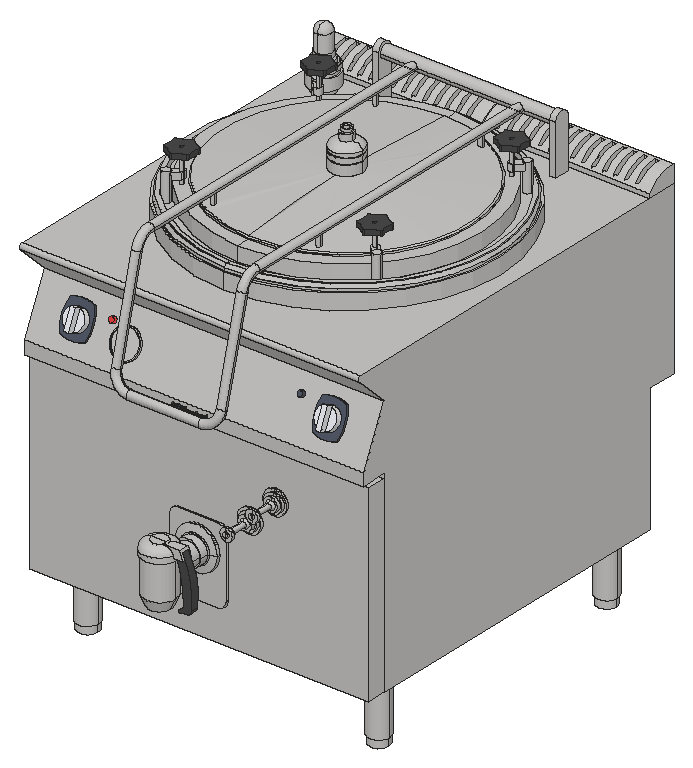
Revit family "QF_ELECTROLUXPROFESSIONAL_391122_E9BSEHIRFC", category Specialty Equipment, Revit 2018 (continued)
Lines and regions (mm)
  symbolic lines
    curve 200: arc (201.278, -277.654, 0) -> (199.588, -262.931, 0) -> (201.278, -248.207, 0) r 65
    curve 201: arc (201.278, -248.207, 0) -> (200.954, -246.028, 0) -> (199.228, -244.658, 0) r 3
    curve 202: arc (199.228, -244.658, 0) -> (185.622, -238.753, 0) -> (173.708, -229.917, 0) r 65
    curve 203: arc (173.708, -229.917, 0) -> (171.677, -229.115, 0) -> (169.647, -229.917, 0) r 2.971
    curve 204: arc (169.647, -229.917, 0) -> (157.733, -238.753, 0) -> (144.127, -244.658, 0) r 65
    curve 205: arc (144.127, -244.658, 0) -> (142.401, -246.028, 0) -> (142.077, -248.207, 0) r 3
    curve 206: arc (142.077, -248.207, 0) -> (143.767, -262.931, 0) -> (142.077, -277.654, 0) r 65
    curve 207: arc (142.077, -277.654, 0) -> (142.401, -279.833, 0) -> (144.127, -281.203, 0) r 3
    curve 208: arc (144.127, -281.203, 0) -> (157.714, -287.097, 0) -> (169.615, -295.914, 0) r 65
    curve 209: arc (169.615, -295.914, 0) -> (171.677, -296.728, 0) -> (173.74, -295.914, 0) r 3.02
    curve 210: arc (159.181, -237.891, 0) -> (148.498, -233.575, 0) -> (141.51, -242.737, 0) r 9.5
    curve 211: arc (141.51, -242.737, 0) -> (141.692, -244.589, 0) -> (142.232, -246.369, 0) r 9.5
    curve 212: arc (626.292, -229.917, 0) -> (614.378, -238.753, 0) -> (600.772, -244.658, 0) r 65
    curve 213: arc (600.772, -244.658, 0) -> (599.046, -246.028, 0) -> (598.722, -248.207, 0) r 3
    curve 214: arc (598.722, -248.207, 0) -> (600.412, -262.931, 0) -> (598.722, -277.654, 0) r 65
    curve 215: arc (598.722, -277.654, 0) -> (599.046, -279.833, 0) -> (600.772, -281.203, 0) r 3
    curve 216: arc (600.772, -281.203, 0) -> (614.359, -287.097, 0) -> (626.26, -295.914, 0) r 65
    curve 217: arc (626.26, -295.914, 0) -> (628.323, -296.728, 0) -> (630.385, -295.914, 0) r 3.02
    curve 218: arc (630.385, -295.914, 0) -> (642.286, -287.097, 0) -> (655.873, -281.203, 0) r 65
    curve 219: arc (655.873, -281.203, 0) -> (657.599, -279.833, 0) -> (657.923, -277.654, 0) r 3
    curve 220: arc (657.923, -277.654, 0) -> (656.233, -262.931, 0) -> (657.923, -248.207, 0) r 65
    curve 221: arc (657.923, -248.207, 0) -> (657.599, -246.028, 0) -> (655.873, -244.658, 0) r 3
    curve 222: arc (655.873, -244.658, 0) -> (642.267, -238.753, 0) -> (630.353, -229.917, 0) r 65
    curve 223: arc (630.353, -229.917, 0) -> (628.323, -229.115, 0) -> (626.292, -229.917, 0) r 2.971
    curve 224: arc (632.323, -262.931, 0) -> (628.323, -266.931, 0) -> (624.323, -262.931, 0) r 4
    curve 225: arc (624.323, -262.931, 0) -> (628.323, -258.931, 0) -> (632.323, -262.931, 0) r 4
    curve 226: arc (657.768, -246.369, 0) -> (653.24, -234.241, 0) -> (640.819, -237.891, 0) r 9.5
    curve 227: arc (400, -829, 0) -> (341.533, -824.274, 0) -> (284.584, -810.217, 0) r 364
    curve 228: arc (400, -819.087, 0) -> (341.488, -814.219, 0) -> (284.584, -799.749, 0) r 354.087
    curve 229: arc (400, -810.163, 0) -> (341.443, -805.16, 0) -> (284.584, -790.295, 0) r 345.163
    curve 230: arc (400, -785.832, 0) -> (341.301, -780.416, 0) -> (284.584, -764.353, 0) r 320.832
    curve 231: arc (400, -753.723, 0) -> (341.05, -747.641, 0) -> (284.584, -729.651, 0) r 288.723
    curve 232: arc (400, -176.277, 0) -> (458.95, -182.359, 0) -> (515.416, -200.349, 0) r 288.723
    curve 233: arc (400, -144.168, 0) -> (458.699, -149.584, 0) -> (515.416, -165.647, 0) r 320.832
    curve 234: arc (400, -119.837, 0) -> (458.557, -124.84, 0) -> (515.416, -139.705, 0) r 345.163
    curve 235: arc (454.332, -115.106, 0) -> (485.211, -121.319, 0) -> (515.416, -130.251, 0) r 354.087
    curve 236: arc (500.351, -115.106, 0) -> (507.909, -117.363, 0) -> (515.416, -119.783, 0) r 364
    curve 237: arc (284.584, -119.783, 0) -> (292.091, -117.363, 0) -> (299.649, -115.106, 0) r 364
    curve 238: arc (284.584, -130.251, 0) -> (314.789, -121.319, 0) -> (345.668, -115.106, 0) r 354.087
    curve 239: arc (284.584, -139.705, 0) -> (341.443, -124.84, 0) -> (400, -119.837, 0) r 345.163
    curve 240: arc (284.584, -165.647, 0) -> (341.301, -149.584, 0) -> (400, -144.168, 0) r 320.832
    curve 241: arc (284.584, -200.349, 0) -> (341.05, -182.359, 0) -> (400, -176.277, 0) r 288.723
    curve 242: arc (534.416, -209.474, 0) -> (568.945, -230.866, 0) -> (600.131, -256.892, 0) r 288.723
    curve 243: arc (534.416, -173.684, 0) -> (580.763, -199.938, 0) -> (622.126, -233.499, 0) r 320.832
    curve 244: arc (534.416, -147.085, 0) -> (745.163, -465, 0) -> (534.416, -782.915, 0) r 345.163
    curve 245: arc (534.416, -137.418, 0) -> (754.087, -465, 0) -> (534.416, -792.582, 0) r 354.087
    curve 246: arc (534.416, -126.727, 0) -> (764, -465, 0) -> (534.416, -803.273, 0) r 364
    curve 247: arc (265.584, -720.526, 0) -> (231.055, -699.134, 0) -> (199.869, -673.108, 0) r 288.723
    curve 248: arc (265.584, -756.316, 0) -> (219.237, -730.062, 0) -> (177.874, -696.501, 0) r 320.832
    curve 249: arc (265.584, -782.915, 0) -> (54.837, -465, 0) -> (265.584, -147.085, 0) r 345.163
    curve 250: arc (265.584, -792.582, 0) -> (45.913, -465, 0) -> (265.584, -137.418, 0) r 354.087
    curve 251: arc (265.584, -803.273, 0) -> (36, -465, 0) -> (265.584, -126.727, 0) r 364
    curve 252: arc (515.416, -810.217, 0) -> (458.467, -824.274, 0) -> (400, -829, 0) r 364
    curve 253: arc (515.416, -799.749, 0) -> (458.512, -814.219, 0) -> (400, -819.087, 0) r 354.087
    curve 254: arc (515.416, -790.295, 0) -> (458.557, -805.16, 0) -> (400, -810.163, 0) r 345.163
    curve 255: arc (515.416, -764.353, 0) -> (458.699, -780.416, 0) -> (400, -785.832, 0) r 320.832
    curve 256: arc (515.416, -729.651, 0) -> (458.95, -747.641, 0) -> (400, -753.723, 0) r 288.723
    curve 257: arc (199.869, -256.892, 0) -> (231.055, -230.866, 0) -> (265.584, -209.474, 0) r 288.723
    curve 258: arc (177.874, -233.499, 0) -> (219.237, -199.938, 0) -> (265.584, -173.684, 0) r 320.832
    curve 259: arc (632.594, -293.941, 0) -> (688.723, -465, 0) -> (632.594, -636.059, 0) r 288.723
    curve 260: arc (657.013, -272.965, 0) -> (720.832, -465, 0) -> (657.013, -657.035, 0) r 320.832
    curve 261: arc (600.131, -673.108, 0) -> (568.945, -699.134, 0) -> (534.416, -720.526, 0) r 288.723
    curve 262: arc (622.126, -696.501, 0) -> (580.763, -730.062, 0) -> (534.416, -756.316, 0) r 320.832
    curve 263: arc (167.406, -636.059, 0) -> (111.277, -465, 0) -> (167.406, -293.941, 0) r 288.723
    curve 264: arc (142.987, -657.035, 0) -> (79.168, -465, 0) -> (142.987, -272.965, 0) r 320.832
    curve 265: line (284.584, -930, 0) -> (515.416, -930, 0)
    curve 266: line (534.416, -930, 0) -> (800, -930, 0)
    curve 267: arc (363.126, -465, 0) -> (400, -428.126, 0) -> (436.874, -465, 0) r 36.874
    curve 268: arc (436.874, -465, 0) -> (400, -501.874, 0) -> (363.126, -465, 0) r 36.874
    curve 269: arc (411.853, -465, 0) -> (400, -476.853, 0) -> (388.147, -465, 0) r 11.853
    curve 270: arc (388.147, -465, 0) -> (400, -453.147, 0) -> (411.853, -465, 0) r 11.853
    curve 271: arc (393.147, -465, 0) -> (400, -458.147, 0) -> (406.853, -465, 0) r 6.853
    curve 272: arc (406.853, -465, 0) -> (400, -471.853, 0) -> (393.147, -465, 0) r 6.853
    curve 291: line (566.95, -972.518, 0) -> (595.758, -972.518, 0)
    curve 292: line (566.95, -967.518, 0) -> (566.95, -972.518, 0)
    curve 293: line (595.758, -967.518, 0) -> (566.95, -967.518, 0)
    curve 294: line (595.758, -972.518, 0) -> (595.758, -967.518, 0)
    curve 295: line (592.506, -962.518, 0) -> (592.506, -967.518, 0)
    curve 296: line (592.506, -962.518, 0) -> (570.203, -962.518, 0)
    curve 297: line (570.203, -962.518, 0) -> (570.203, -967.518, 0)
    curve 298: line (575.643, -975, 0) -> (575.643, -972.518, 0)
    curve 299: line (575.643, -975, 0) -> (587.065, -975, 0)
    curve 300: line (587.065, -975, 0) -> (587.065, -972.518, 0)
    curve 301: line (587.065, -930, 0) -> (587.065, -962.518, 0)
    curve 302: line (575.643, -930, 0) -> (575.643, -962.518, 0)
    curve 303: line (506.846, -967.518, 0) -> (506.846, -972.518, 0)
    curve 304: line (535.654, -972.518, 0) -> (535.654, -967.518, 0)
    curve 305: line (510.099, -962.518, 0) -> (510.099, -967.518, 0)
    curve 306: line (506.846, -972.518, 0) -> (515.416, -972.518, 0)
    curve 307: line (535.654, -967.518, 0) -> (534.416, -967.518, 0)
    curve 308: line (515.416, -967.518, 0) -> (506.846, -967.518, 0)
    curve 309: line (534.416, -972.518, 0) -> (535.654, -972.518, 0)
    curve 310: line (515.416, -962.518, 0) -> (510.099, -962.518, 0)
  sketch lines
    curve 273: line (524.916, -890.935, 965.089) -> (524.916, -107.606, 965.089)
    curve 274: line (275.084, -890.935, 965.089) -> (275.084, -107.606, 965.089)
    curve 275: line (275.084, -989.388, 712.205) -> (275.084, -929.572, 935.442)
    curve 276: line (484.916, -1000.106, 672.205) -> (315.084, -1000.106, 672.205)
    curve 277: line (524.916, -929.572, 935.442) -> (524.916, -989.388, 712.205)
    curve 278: spline (484.916, -1000.106, 672.205) -> (490.158, -1000.013, 672.551) -> (495.264, -999.741, 673.567) -> (500.22, -999.29, 675.249) -> (504.918, -998.67, 677.565) -> (509.267, -997.891, 680.471) -> (513.2, -996.967, 683.92) -> (516.65, -995.913, 687.855) -> (519.555, -994.746, 692.209) -> (521.869, -993.489, 696.901) -> (523.551, -992.164, 701.847) -> (524.57, -990.793, 706.961) -> (524.916, -989.388, 712.205)
    curve 279: spline (275.084, -989.388, 712.205) -> (275.43, -990.793, 706.963) -> (276.446, -992.161, 701.857) -> (278.128, -993.489, 696.901) -> (280.443, -994.748, 692.203) -> (283.35, -995.913, 687.854) -> (286.799, -996.967, 683.921) -> (290.734, -997.891, 680.471) -> (295.088, -998.67, 677.567) -> (299.78, -999.29, 675.252) -> (304.726, -999.74, 673.571) -> (309.84, -1000.013, 672.552) -> (315.084, -1000.106, 672.205)
    curve 280: arc (275.084, -890.935, 965.089) -> (275.084, -915.286, 956.823) -> (275.084, -929.572, 935.442) r 40
    curve 281: arc (524.916, -929.572, 935.442) -> (524.916, -915.286, 956.823) -> (524.916, -890.935, 965.089) r 40
    curve 282: line (275.084, -107.606, 965.089) -> (275.084, -270.469, 1731.3)
    curve 283: line (275.084, -538.322, 1775.026) -> (275.084, -307.502, 1762.929)
    curve 284: arc (275.084, -270.469, 1731.3) -> (275.084, -283.617, 1753.4) -> (275.084, -307.502, 1762.929) r 40
    curve 285: arc (275.084, -538.322, 1775.026) -> (286.8, -566.568, 1776.497) -> (315.084, -578.268, 1777.106) r 40
    curve 286: line (315.084, -578.268, 1777.106) -> (484.916, -578.268, 1777.106)
    curve 287: arc (524.916, -538.322, 1775.026) -> (513.2, -566.568, 1776.497) -> (484.916, -578.268, 1777.106) r 40
    curve 288: line (524.916, -538.322, 1775.026) -> (524.916, -307.502, 1762.929)
    curve 289: arc (524.916, -270.469, 1731.3) -> (524.916, -283.617, 1753.4) -> (524.916, -307.502, 1762.929) r 40
    curve 290: line (524.916, -107.606, 965.089) -> (524.916, -270.469, 1731.3)
Dimensions and locks
  equal spacing: plane 3 "LEFT", plane 7 "Center Y", plane 4 "RIGHT"
  "Width": plane 3 "LEFT" to plane 4 "RIGHT"
  equal spacing: plane 5 "FRONT", plane 8 "Center X", plane 1 "BACK"
  "Depth": plane 5 "FRONT" to plane 1 "BACK"
  "Height": plane 6 "TOP" to level
  plane 11 to level = 1786 mm  (x2)
  plane 9 "Base" to level = 150 mm  (x2)
  plane 6 "TOP" to plane 9 "Base" = 700 mm
  plane 13 to plane 3 "LEFT" = 56 mm
  plane 4 "RIGHT" to plane 14 = 56 mm
  plane 13 to plane 14 = 688 mm
  plane 12 to plane 5 "FRONT" = 130 mm
  plane 12 to Extrusion 5 = 100 mm
  Extrusion 5 to plane 10 = 117 mm
  plane 1 "BACK" to Extrusion 5 = 900 mm
  Extrusion 5 to plane 9 "Base" = 299 mm
  plane 1 "BACK" to Extrusion 5 = 71 mm
  Extrusion 20 sketch curve to plane 1 "BACK" = 655 mm
  Extrusion 20 sketch curve to plane 4 "RIGHT" = 54 mm
  Extrusion 20 to plane 1 "BACK" = 655 mm
  plane 15 to plane 4 "RIGHT" = 54 mm
  plane 16 to plane 4 "RIGHT" = 71 mm
  Extrusion 21 sketch curve to plane 1 "BACK" = 660 mm
  Extrusion 21 sketch curve to plane 1 "BACK" = 731 mm
  Extrusion 21 to plane 1 "BACK" = 660 mm
  Extrusion 21 to plane 1 "BACK" = 731 mm
  plane 3 "LEFT" to plane 17 = 46 mm
  plane 1 "BACK" to plane 20 = 127 mm
  plane 20 to plane 12 = 673 mm
  Revolve 33 to level = 266 mm
  plane 9 "Base" to Extrusion 21 = 13 mm
  level to Extrusion 21 = 137 mm
  plane 6 "TOP" to level = 850 mm
  Extrusion 36 sketch curve to plane 1 "BACK" = 713 mm
  Extrusion 36 to plane 1 "BACK" = 713 mm
  Extrusion 43 sketch curve to plane 1 "BACK" = 465 mm
  plane 1 "BACK" to plane 8 "Center X" = 465 mm  (x2)
  aligned and locked: level to plane 2
  aligned and locked: plane 4 "RIGHT" to Extrusion 5
Automatic sketch dimensions
  Revolve 1 sketch curve to plane 9 "Base" = 0 mm  (x2)
  Revolve 1 sketch curve to level = 0 mm
  plane 13 to Revolve 1 sketch curve = 0 mm  (x2)
  plane 17 to Revolve 1 sketch curve = 13.9 mm
  Revolve 1 sketch curve to Revolve 1 sketch curve = 2.5 mm
  level to Revolve 1 sketch curve = 19.05 mm
  plane 9 "Base" to Revolve 1 sketch curve = 20 mm
  Revolve 2 sketch curve to plane 9 "Base" = 0 mm  (x2)
  Revolve 2 sketch curve to level = 0 mm
  Revolve 2 sketch curve to plane 14 = 0 mm  (x2)
  Revolve 2 sketch curve to plane 15 = 20.9 mm
  Revolve 2 sketch curve to Revolve 2 sketch curve = 2.5 mm
  plane 9 "Base" to Revolve 2 sketch curve = 20 mm
  level to Revolve 2 sketch curve = 19.05 mm
  Revolve 3 sketch curve to plane 9 "Base" = 0 mm  (x2)
  Revolve 3 sketch curve to level = 0 mm
  plane 13 to Revolve 3 sketch curve = 0 mm  (x2)
  plane 17 to Revolve 3 sketch curve = 13.9 mm
  Revolve 3 sketch curve to Revolve 3 sketch curve = 2.5 mm
  level to Revolve 3 sketch curve = 19.05 mm
  plane 9 "Base" to Revolve 3 sketch curve = 20 mm
  Revolve 4 sketch curve to plane 9 "Base" = 0 mm  (x2)
  Revolve 4 sketch curve to level = 0 mm
  Revolve 4 sketch curve to plane 14 = 0 mm  (x2)
  Revolve 4 sketch curve to plane 15 = 20.9 mm
  Revolve 4 sketch curve to Revolve 4 sketch curve = 2.5 mm
  plane 9 "Base" to Revolve 4 sketch curve = 20 mm
  level to Revolve 4 sketch curve = 19.05 mm
  Extrusion 5 sketch curve to plane 6 "TOP" = 0 mm
  Extrusion 5 sketch curve to plane 9 "Base" = 0 mm  (x2)
  Extrusion 5 sketch curve to plane 1 "BACK" = 0 mm
  plane 20 to Extrusion 5 sketch curve = 56 mm
  Extrusion 5 sketch curve to plane 12 = 51.569 mm
  Extrusion 5 sketch curve to Extrusion 5 sketch curve = 3.175 mm  (x2)
  Extrusion 5 sketch curve to Extrusion 5 sketch curve = 0.442 mm
  Extrusion 5 sketch curve to plane 12 = 56.613 mm
  Extrusion 5 sketch curve to plane 5 "FRONT" = 14.69 mm
  Extrusion 5 sketch curve to plane 5 "FRONT" = 7.658 mm
  Extrusion 5 sketch curve to plane 5 "FRONT" = 2.243 mm
  plane 9 "Base" to Extrusion 5 sketch curve = 299 mm
  Extrusion 5 sketch curve to plane 6 "TOP" = 247.929 mm
  Extrusion 5 sketch curve to Extrusion 5 sketch curve = 8.058 mm
  Extrusion 5 sketch curve to Extrusion 5 sketch curve = 9.61 mm
  Extrusion 5 sketch curve to Extrusion 5 sketch curve = 31.298 mm
  Extrusion 5 sketch curve to plane 6 "TOP" = 83.217 mm
  Extrusion 5 sketch curve to plane 6 "TOP" = 13.073 mm
  Extrusion 6 sketch curve to plane 7 "Center Y" = 46.875 mm
  plane 9 "Base" to Extrusion 6 sketch curve = 76.296 mm
  Extrusion 6 sketch curve to Extrusion 6 sketch curve = 20 mm  (x3)
  Extrusion 6 sketch curve to Extrusion 6 sketch curve = 140 mm
  plane 7 "Center Y" to Extrusion 6 sketch curve = 46.875 mm
  Extrusion 6 sketch curve to Extrusion 6 sketch curve = 0 mm
  Revolve 7 sketch curve to plane 7 "Center Y" = 0 mm  (x2)
  plane 7 "Center Y" to Revolve 7 sketch curve = 27.31 mm
  Revolve 7 sketch curve to Revolve 7 sketch curve = 4.21 mm
  Revolve 7 sketch curve to Revolve 7 sketch curve = 2.04 mm
  Revolve 7 sketch curve to Revolve 7 sketch curve = 16.919 mm
  Revolve 7 sketch curve to plane 10 = 22.744 mm
  plane 5 "FRONT" to Revolve 7 sketch curve = 4.737 mm
  Revolve 7 sketch curve to plane 5 "FRONT" = 1.761 mm
  Revolve 7 sketch curve to plane 5 "FRONT" = 13.787 mm
  Revolve 7 sketch curve to Revolve 7 sketch curve = 2.899 mm
  Revolve 7 sketch curve to Revolve 7 sketch curve = 3.596 mm
  Revolve 7 sketch curve to Revolve 7 sketch curve = 24.039 mm
  Revolve 7 sketch curve to Revolve 7 sketch curve = 15.961 mm
  plane 19 to Extrusion 8 sketch curve = 20.038 mm
  plane 16 to Extrusion 8 sketch curve = 1.596 mm
  Extrusion 8 sketch curve to Extrusion 8 sketch curve = 0 mm  (x3)
  Extrusion 8 sketch curve to plane 13 = 16.596 mm
  plane 18 to Extrusion 8 sketch curve = 20.038 mm
  Extrusion 8 sketch curve to Extrusion 8 sketch curve = 12.3 mm  (x2)
  Extrusion 8 sketch curve to plane 15 = 7.131 mm
  Extrusion 8 sketch curve to Extrusion 8 sketch curve = 34.925 mm  (x4)
  Extrusion 8 sketch curve to plane 19 = 5.076 mm
  Extrusion 8 sketch curve to plane 18 = 5.076 mm
  plane 17 to Extrusion 8 sketch curve = 0.131 mm
  Extrusion 8 sketch curve to Extrusion 8 sketch curve = 46.691 mm  (x2)
  plane 16 to Extrusion 8 sketch curve = 2.214 mm
  plane 18 to Extrusion 8 sketch curve = 20.651 mm
  Extrusion 8 sketch curve to plane 13 = 17.214 mm
  plane 19 to Extrusion 8 sketch curve = 20.651 mm
  Extrusion 9 sketch curve to Extrusion 9 sketch curve = 0 mm
  Extrusion 9 sketch curve to Extrusion 9 sketch curve = 595.086 mm
  Extrusion 10 sketch curve to Extrusion 10 sketch curve = 24.732 mm  (x2)
  Extrusion 10 sketch curve to Extrusion 10 sketch curve = 0 mm  (x2)
  Extrusion 11 sketch curve to plane 18 = 26.173 mm
  Extrusion 12 sketch curve to plane 19 = 26.173 mm
  plane 7 "Center Y" to Extrusion 13 sketch curve = 21.292 mm
  Extrusion 13 sketch curve to plane 6 "TOP" = 237.067 mm
  Extrusion 13 sketch curve to plane 7 "Center Y" = 13.807 mm
  Extrusion 13 sketch curve to Extrusion 13 sketch curve = 5.041 mm
  plane 7 "Center Y" to Extrusion 13 sketch curve = 5.969 mm
  Extrusion 13 sketch curve to Extrusion 13 sketch curve = 5.06 mm
  Extrusion 13 sketch curve to Extrusion 13 sketch curve = 0 mm  (x27)
  Extrusion 13 sketch curve to Extrusion 13 sketch curve = 5.108 mm  (x2)
  Extrusion 13 sketch curve to Extrusion 13 sketch curve = 0.054 mm
  Extrusion 13 sketch curve to Extrusion 13 sketch curve = 0.218 mm
  Extrusion 13 sketch curve to Extrusion 13 sketch curve = 0.195 mm
  Extrusion 13 sketch curve to Extrusion 13 sketch curve = 0.249 mm
  Extrusion 13 sketch curve to Extrusion 13 sketch curve = 0.316 mm
  Extrusion 13 sketch curve to Extrusion 13 sketch curve = 0.087 mm
  Extrusion 13 sketch curve to Extrusion 13 sketch curve = 0.358 mm
  Extrusion 13 sketch curve to Extrusion 13 sketch curve = 0.481 mm
  Extrusion 13 sketch curve to Extrusion 13 sketch curve = 0.597 mm
  Extrusion 13 sketch curve to Extrusion 13 sketch curve = 0.544 mm
  Extrusion 13 sketch curve to Extrusion 13 sketch curve = 0.936 mm
  Extrusion 13 sketch curve to Extrusion 13 sketch curve = 0.594 mm
  Extrusion 13 sketch curve to Extrusion 13 sketch curve = 0.343 mm
  Extrusion 13 sketch curve to Extrusion 13 sketch curve = 0.159 mm
  Extrusion 13 sketch curve to Extrusion 13 sketch curve = 0.826 mm
  Extrusion 13 sketch curve to Extrusion 13 sketch curve = 0.839 mm
  Extrusion 13 sketch curve to Extrusion 13 sketch curve = 0.852 mm
  Extrusion 13 sketch curve to Extrusion 13 sketch curve = 0.887 mm
  Extrusion 13 sketch curve to Extrusion 13 sketch curve = 0.928 mm
  Extrusion 13 sketch curve to Extrusion 13 sketch curve = 0.938 mm
  Extrusion 13 sketch curve to Extrusion 13 sketch curve = 0.444 mm
  Extrusion 13 sketch curve to Extrusion 13 sketch curve = 1.11 mm  (x3)
  plane 7 "Center Y" to Extrusion 13 sketch curve = 43.726 mm
  Extrusion 13 sketch curve to Extrusion 13 sketch curve = 0.215 mm
  plane 7 "Center Y" to Extrusion 13 sketch curve = 0.332 mm
  Extrusion 13 sketch curve to Extrusion 13 sketch curve = 1.43 mm
  Extrusion 13 sketch curve to Extrusion 13 sketch curve = 1.188 mm
  Extrusion 13 sketch curve to Extrusion 13 sketch curve = 1.21 mm  (x2)
  Extrusion 13 sketch curve to Extrusion 13 sketch curve = 0.503 mm
  plane 7 "Center Y" to Extrusion 13 sketch curve = 48.995 mm
  Extrusion 13 sketch curve to Extrusion 13 sketch curve = 0.488 mm
  plane 7 "Center Y" to Extrusion 13 sketch curve = 52.922 mm
  Extrusion 13 sketch curve to Extrusion 13 sketch curve = 0.462 mm
  Extrusion 13 sketch curve to Extrusion 13 sketch curve = 1.386 mm
  Extrusion 13 sketch curve to Extrusion 13 sketch curve = 1.742 mm
  Extrusion 13 sketch curve to Extrusion 13 sketch curve = 0.821 mm
  Extrusion 13 sketch curve to Extrusion 13 sketch curve = 0.497 mm
  Extrusion 13 sketch curve to Extrusion 13 sketch curve = 0.539 mm
  Extrusion 13 sketch curve to Extrusion 13 sketch curve = 0.199 mm
  Extrusion 13 sketch curve to plane 7 "Center Y" = 0.042 mm
  Extrusion 13 sketch curve to Extrusion 13 sketch curve = 0.408 mm
  Extrusion 13 sketch curve to Extrusion 13 sketch curve = 0.743 mm
  Extrusion 13 sketch curve to Extrusion 13 sketch curve = 1.16 mm
  Extrusion 13 sketch curve to Extrusion 13 sketch curve = 0.329 mm
  Extrusion 13 sketch curve to Extrusion 13 sketch curve = 1.054 mm
  Extrusion 13 sketch curve to Extrusion 13 sketch curve = 1.056 mm
  Extrusion 13 sketch curve to Extrusion 13 sketch curve = 0.129 mm
  Extrusion 13 sketch curve to Extrusion 13 sketch curve = 0.489 mm
  Extrusion 13 sketch curve to plane 7 "Center Y" = 0.376 mm
  Extrusion 13 sketch curve to Extrusion 13 sketch curve = 0.441 mm
  Extrusion 13 sketch curve to Extrusion 13 sketch curve = 1.151 mm
  Extrusion 13 sketch curve to Extrusion 13 sketch curve = 1.141 mm  (x2)
  Extrusion 13 sketch curve to Extrusion 13 sketch curve = 0.768 mm
  Extrusion 13 sketch curve to Extrusion 13 sketch curve = 1.653 mm
  Extrusion 13 sketch curve to Extrusion 13 sketch curve = 0.499 mm
  Extrusion 13 sketch curve to Extrusion 13 sketch curve = 0.964 mm
  Extrusion 13 sketch curve to Extrusion 13 sketch curve = 0.949 mm
  Extrusion 13 sketch curve to Extrusion 13 sketch curve = 1.345 mm  (x3)
  Extrusion 13 sketch curve to Extrusion 13 sketch curve = 1.101 mm
  Extrusion 13 sketch curve to Extrusion 13 sketch curve = 0.432 mm
  Extrusion 13 sketch curve to Extrusion 13 sketch curve = 1.142 mm
  Extrusion 13 sketch curve to Extrusion 13 sketch curve = 0.959 mm
  Extrusion 13 sketch curve to Extrusion 13 sketch curve = 0.176 mm
  Extrusion 13 sketch curve to Extrusion 13 sketch curve = 0.728 mm
  Extrusion 13 sketch curve to Extrusion 13 sketch curve = 3.375 mm  (x2)
  Extrusion 13 sketch curve to Extrusion 13 sketch curve = 0.541 mm
  Extrusion 13 sketch curve to Extrusion 13 sketch curve = 0.955 mm
  Extrusion 13 sketch curve to Extrusion 13 sketch curve = 1.251 mm
  Extrusion 13 sketch curve to Extrusion 13 sketch curve = 0.572 mm
  plane 7 "Center Y" to Extrusion 13 sketch curve = 47.619 mm
  Extrusion 13 sketch curve to Extrusion 13 sketch curve = 1.92 mm
  Extrusion 13 sketch curve to Extrusion 13 sketch curve = 1.224 mm
  Extrusion 13 sketch curve to Extrusion 13 sketch curve = 0.745 mm
  Extrusion 13 sketch curve to Extrusion 13 sketch curve = 0.036 mm
  Extrusion 13 sketch curve to Extrusion 13 sketch curve = 0.896 mm  (x3)
  Extrusion 13 sketch curve to Extrusion 13 sketch curve = 2.607 mm
  Extrusion 13 sketch curve to Extrusion 13 sketch curve = 0.066 mm
  Extrusion 13 sketch curve to Extrusion 13 sketch curve = 0.248 mm
  Extrusion 13 sketch curve to Extrusion 13 sketch curve = 0.449 mm
  plane 7 "Center Y" to Extrusion 13 sketch curve = 46.838 mm
  Extrusion 13 sketch curve to Extrusion 13 sketch curve = 1.052 mm
  Extrusion 13 sketch curve to Extrusion 13 sketch curve = 1.863 mm
  Extrusion 13 sketch curve to Extrusion 13 sketch curve = 1.31 mm  (x2)
  Extrusion 13 sketch curve to Extrusion 13 sketch curve = 0.901 mm
  Extrusion 13 sketch curve to Extrusion 13 sketch curve = 1.107 mm
  Extrusion 13 sketch curve to Extrusion 13 sketch curve = 2.122 mm
  Extrusion 13 sketch curve to Extrusion 13 sketch curve = 2.101 mm
  Extrusion 13 sketch curve to Extrusion 13 sketch curve = 0.106 mm
  Extrusion 13 sketch curve to Extrusion 13 sketch curve = 0.029 mm
  plane 7 "Center Y" to Extrusion 13 sketch curve = 49.641 mm
  Extrusion 13 sketch curve to Extrusion 13 sketch curve = 2.09 mm
  Extrusion 13 sketch curve to Extrusion 13 sketch curve = 1.279 mm
  Extrusion 13 sketch curve to Extrusion 13 sketch curve = 2.008 mm
  Extrusion 13 sketch curve to Extrusion 13 sketch curve = 0.738 mm
  Extrusion 13 sketch curve to Extrusion 13 sketch curve = 0.382 mm
  Extrusion 13 sketch curve to Extrusion 13 sketch curve = 0.384 mm
  Extrusion 13 sketch curve to Extrusion 13 sketch curve = 0.002 mm
  Extrusion 13 sketch curve to Extrusion 13 sketch curve = 0.561 mm
  Extrusion 13 sketch curve to Extrusion 13 sketch curve = 0.592 mm
  Extrusion 13 sketch curve to Extrusion 13 sketch curve = 2.692 mm
  Extrusion 13 sketch curve to Extrusion 13 sketch curve = 1.259 mm
  plane 7 "Center Y" to Extrusion 13 sketch curve = 48.858 mm
  Extrusion 13 sketch curve to Extrusion 13 sketch curve = 0.802 mm
  Extrusion 13 sketch curve to Extrusion 13 sketch curve = 1.024 mm
  Extrusion 13 sketch curve to Extrusion 13 sketch curve = 0.682 mm
  Extrusion 13 sketch curve to Extrusion 13 sketch curve = 5.934 mm
  Extrusion 13 sketch curve to Extrusion 13 sketch curve = 2.186 mm
  Extrusion 13 sketch curve to Extrusion 13 sketch curve = 0.337 mm
  Extrusion 13 sketch curve to Extrusion 13 sketch curve = 0.021 mm
  Extrusion 13 sketch curve to Extrusion 13 sketch curve = 1.005 mm
  Extrusion 13 sketch curve to Extrusion 13 sketch curve = 0.552 mm
  Extrusion 13 sketch curve to Extrusion 13 sketch curve = 0.778 mm
  Extrusion 13 sketch curve to Extrusion 13 sketch curve = 0.063 mm
  Extrusion 13 sketch curve to Extrusion 13 sketch curve = 1.023 mm
  Extrusion 13 sketch curve to Extrusion 13 sketch curve = 3.804 mm
  Extrusion 13 sketch curve to Extrusion 13 sketch curve = 0.486 mm
  Extrusion 13 sketch curve to Extrusion 13 sketch curve = 0.266 mm
  Extrusion 13 sketch curve to plane 7 "Center Y" = 0.787 mm
  Extrusion 13 sketch curve to Extrusion 13 sketch curve = 1.547 mm
  Extrusion 13 sketch curve to Extrusion 13 sketch curve = 0.717 mm  (x2)
  Extrusion 13 sketch curve to Extrusion 13 sketch curve = 1.667 mm
  plane 7 "Center Y" to Extrusion 13 sketch curve = 44.532 mm
  Extrusion 13 sketch curve to Extrusion 13 sketch curve = 3.174 mm
  plane 7 "Center Y" to Extrusion 13 sketch curve = 0.368 mm
  Extrusion 13 sketch curve to Extrusion 13 sketch curve = 0.388 mm
  Extrusion 13 sketch curve to Extrusion 13 sketch curve = 1.342 mm
  plane 7 "Center Y" to Extrusion 13 sketch curve = 50.135 mm
  Extrusion 13 sketch curve to Extrusion 13 sketch curve = 1.521 mm
  plane 7 "Center Y" to Extrusion 13 sketch curve = 51.694 mm
  Extrusion 13 sketch curve to Extrusion 13 sketch curve = 0.124 mm
  Extrusion 13 sketch curve to Extrusion 13 sketch curve = 0.291 mm
  plane 7 "Center Y" to Extrusion 13 sketch curve = 7.285 mm
  Extrusion 13 sketch curve to Extrusion 13 sketch curve = 1.049 mm  (x2)
  plane 7 "Center Y" to Extrusion 13 sketch curve = 47.668 mm
  Extrusion 13 sketch curve to Extrusion 13 sketch curve = 1.7 mm
  Extrusion 13 sketch curve to Extrusion 13 sketch curve = 0.894 mm
  Extrusion 13 sketch curve to Extrusion 13 sketch curve = 0.989 mm
  Extrusion 13 sketch curve to Extrusion 13 sketch curve = 1.168 mm
  Extrusion 13 sketch curve to Extrusion 13 sketch curve = 1.594 mm
  Extrusion 13 sketch curve to Extrusion 13 sketch curve = 0.731 mm
  Extrusion 13 sketch curve to Extrusion 13 sketch curve = 1.566 mm
  Extrusion 13 sketch curve to Extrusion 13 sketch curve = 0.064 mm
  plane 7 "Center Y" to Extrusion 13 sketch curve = 7.842 mm
  Extrusion 13 sketch curve to Extrusion 13 sketch curve = 0.556 mm
  Extrusion 13 sketch curve to Extrusion 13 sketch curve = 0.48 mm
  Extrusion 13 sketch curve to Extrusion 13 sketch curve = 0.228 mm
  Extrusion 13 sketch curve to Extrusion 13 sketch curve = 1.018 mm
  plane 7 "Center Y" to Extrusion 13 sketch curve = 37.429 mm
  Extrusion 13 sketch curve to Extrusion 13 sketch curve = 0.787 mm
  Extrusion 13 sketch curve to Extrusion 13 sketch curve = 0.618 mm
  plane 7 "Center Y" to Extrusion 13 sketch curve = 42.486 mm
  Extrusion 13 sketch curve to Extrusion 13 sketch curve = 1.672 mm
  plane 7 "Center Y" to Extrusion 13 sketch curve = 53.436 mm
  Extrusion 13 sketch curve to Extrusion 13 sketch curve = 1.361 mm
  Extrusion 13 sketch curve to Extrusion 13 sketch curve = 0.822 mm
  Extrusion 13 sketch curve to Extrusion 13 sketch curve = 0.069 mm
  Extrusion 13 sketch curve to Extrusion 13 sketch curve = 1.88 mm
  plane 7 "Center Y" to Extrusion 13 sketch curve = 35.269 mm
  Extrusion 13 sketch curve to Extrusion 13 sketch curve = 0.42 mm
  Extrusion 13 sketch curve to Extrusion 13 sketch curve = 0.062 mm
  Extrusion 13 sketch curve to Extrusion 13 sketch curve = 1.355 mm
  Extrusion 13 sketch curve to Extrusion 13 sketch curve = 2.34 mm
  Extrusion 13 sketch curve to Extrusion 13 sketch curve = 0.493 mm
  Extrusion 13 sketch curve to Extrusion 13 sketch curve = 0.136 mm
  Extrusion 13 sketch curve to Extrusion 13 sketch curve = 0.128 mm
  Extrusion 13 sketch curve to Extrusion 13 sketch curve = 3.616 mm
  Extrusion 13 sketch curve to Extrusion 13 sketch curve = 4.207 mm
  Extrusion 13 sketch curve to Extrusion 13 sketch curve = 0.183 mm
  Extrusion 13 sketch curve to Extrusion 13 sketch curve = 0.895 mm
  Extrusion 13 sketch curve to Extrusion 13 sketch curve = 1.314 mm
  Extrusion 13 sketch curve to Extrusion 13 sketch curve = 3.231 mm
  Extrusion 13 sketch curve to plane 7 "Center Y" = 23.526 mm
  Extrusion 13 sketch curve to Extrusion 13 sketch curve = 1.299 mm
  Extrusion 13 sketch curve to Extrusion 13 sketch curve = 1.214 mm
  plane 7 "Center Y" to Extrusion 13 sketch curve = 26.369 mm
  Extrusion 13 sketch curve to Extrusion 13 sketch curve = 1.264 mm
  Extrusion 13 sketch curve to Extrusion 13 sketch curve = 0.109 mm
  Extrusion 13 sketch curve to Extrusion 13 sketch curve = 0.357 mm
  Extrusion 13 sketch curve to Extrusion 13 sketch curve = 0.565 mm
  Extrusion 13 sketch curve to Extrusion 13 sketch curve = 2.504 mm
  Extrusion 13 sketch curve to Extrusion 13 sketch curve = 2.459 mm
  Extrusion 13 sketch curve to Extrusion 13 sketch curve = 0.983 mm
  Extrusion 13 sketch curve to Extrusion 13 sketch curve = 0.422 mm  (x2)
  Extrusion 13 sketch curve to Extrusion 13 sketch curve = 1.268 mm
  Extrusion 13 sketch curve to Extrusion 13 sketch curve = 0.671 mm
  Extrusion 13 sketch curve to Extrusion 13 sketch curve = 1.634 mm
  Extrusion 13 sketch curve to Extrusion 13 sketch curve = 0.132 mm
  Extrusion 13 sketch curve to Extrusion 13 sketch curve = 0.586 mm
  Extrusion 13 sketch curve to Extrusion 13 sketch curve = 1.241 mm
  Extrusion 13 sketch curve to Extrusion 13 sketch curve = 1.689 mm
  Extrusion 13 sketch curve to Extrusion 13 sketch curve = 0.627 mm
  Extrusion 13 sketch curve to Extrusion 13 sketch curve = 0.419 mm
  Extrusion 13 sketch curve to Extrusion 13 sketch curve = 1.514 mm
  Extrusion 13 sketch curve to Extrusion 13 sketch curve = 1.019 mm
  Extrusion 13 sketch curve to Extrusion 13 sketch curve = 0.065 mm
  Extrusion 13 sketch curve to Extrusion 13 sketch curve = 1.215 mm
  Extrusion 13 sketch curve to Extrusion 13 sketch curve = 1.122 mm
  Extrusion 13 sketch curve to Extrusion 13 sketch curve = 1.153 mm
  Extrusion 13 sketch curve to Extrusion 13 sketch curve = 1.223 mm
  Extrusion 13 sketch curve to Extrusion 13 sketch curve = 0.934 mm
  Extrusion 13 sketch curve to Extrusion 13 sketch curve = 3.376 mm
  Extrusion 13 sketch curve to Extrusion 13 sketch curve = 0.222 mm
  Extrusion 13 sketch curve to Extrusion 13 sketch curve = 1.383 mm
  Extrusion 13 sketch curve to Extrusion 13 sketch curve = 1.556 mm
  Extrusion 13 sketch curve to Extrusion 13 sketch curve = 2.559 mm
  Extrusion 13 sketch curve to Extrusion 13 sketch curve = 2.51 mm
  Extrusion 13 sketch curve to Extrusion 13 sketch curve = 0.131 mm
  Extrusion 13 sketch curve to Extrusion 13 sketch curve = 1.134 mm
  Extrusion 13 sketch curve to Extrusion 13 sketch curve = 0.094 mm
  Extrusion 13 sketch curve to Extrusion 13 sketch curve = 1.584 mm
  Extrusion 13 sketch curve to Extrusion 13 sketch curve = 0.27 mm
  Extrusion 13 sketch curve to Extrusion 13 sketch curve = 0.916 mm
  Extrusion 13 sketch curve to Extrusion 13 sketch curve = 0.352 mm
  Extrusion 13 sketch curve to Extrusion 13 sketch curve = 0.458 mm
  Extrusion 13 sketch curve to Extrusion 13 sketch curve = 1.282 mm
  Extrusion 13 sketch curve to Extrusion 13 sketch curve = 1.363 mm
  Extrusion 13 sketch curve to Extrusion 13 sketch curve = 0.685 mm
  Extrusion 13 sketch curve to Extrusion 13 sketch curve = 0.905 mm
  Extrusion 13 sketch curve to Extrusion 13 sketch curve = 1.477 mm
  Extrusion 13 sketch curve to Extrusion 13 sketch curve = 0.472 mm
  Extrusion 13 sketch curve to Extrusion 13 sketch curve = 0.101 mm
  Extrusion 13 sketch curve to Extrusion 13 sketch curve = 0.54 mm
  Extrusion 13 sketch curve to Extrusion 13 sketch curve = 0.02 mm
  Extrusion 13 sketch curve to Extrusion 13 sketch curve = 0.829 mm
  Extrusion 13 sketch curve to Extrusion 13 sketch curve = 0.582 mm
  Extrusion 13 sketch curve to Extrusion 13 sketch curve = 0.166 mm
  Extrusion 13 sketch curve to Extrusion 13 sketch curve = 0.16 mm
  Extrusion 13 sketch curve to Extrusion 13 sketch curve = 1.118 mm
  Extrusion 13 sketch curve to Extrusion 13 sketch curve = 0.613 mm
  Extrusion 13 sketch curve to Extrusion 13 sketch curve = 0.781 mm
  Extrusion 13 sketch curve to Extrusion 13 sketch curve = 0.361 mm
  Extrusion 13 sketch curve to Extrusion 13 sketch curve = 0.897 mm
  Extrusion 13 sketch curve to Extrusion 13 sketch curve = 0.167 mm
  Extrusion 13 sketch curve to Extrusion 13 sketch curve = 0.292 mm
  Extrusion 13 sketch curve to Extrusion 13 sketch curve = 0.305 mm
  Extrusion 13 sketch curve to Extrusion 13 sketch curve = 1.557 mm
  Extrusion 13 sketch curve to Extrusion 13 sketch curve = 2.499 mm
  Extrusion 13 sketch curve to Extrusion 13 sketch curve = 3.062 mm
  Extrusion 13 sketch curve to Extrusion 13 sketch curve = 2.968 mm
  Extrusion 13 sketch curve to Extrusion 13 sketch curve = 5.044 mm
  Extrusion 13 sketch curve to Extrusion 13 sketch curve = 0.629 mm  (x2)
  Extrusion 13 sketch curve to Extrusion 13 sketch curve = 1.131 mm
  Extrusion 13 sketch curve to Extrusion 13 sketch curve = 0.137 mm
  Extrusion 13 sketch curve to Extrusion 13 sketch curve = 0.027 mm
  Extrusion 13 sketch curve to Extrusion 13 sketch curve = 2.046 mm
  Extrusion 13 sketch curve to Extrusion 13 sketch curve = 2.235 mm
  Revolve 14 sketch curve to plane 6 "TOP" = 0 mm
  Revolve 14 sketch curve to plane 8 "Center X" = 0 mm  (x2)
  plane 12 to Revolve 14 sketch curve = 46.277 mm
  Revolve 14 sketch curve to Revolve 14 sketch curve = 2.777 mm  (x2)
  plane 12 to Revolve 14 sketch curve = 14.168 mm
  Revolve 14 sketch curve to plane 12 = 10.163 mm
  Revolve 14 sketch curve to Revolve 14 sketch curve = 8.924 mm
  Revolve 14 sketch curve to Revolve 14 sketch curve = 13.837 mm
  Revolve 14 sketch curve to plane 12 = 29 mm
  Revolve 14 sketch curve to level = 1659.206 mm
  plane 6 "TOP" to Revolve 14 sketch curve = 37.198 mm
  Revolve 14 sketch curve to Revolve 14 sketch curve = 1.927 mm
  plane 6 "TOP" to Revolve 14 sketch curve = 40.825 mm
  Revolve 14 sketch curve to Revolve 14 sketch curve = 5.725 mm
  Revolve 14 sketch curve to Revolve 14 sketch curve = 8.509 mm
  Revolve 14 sketch curve to Revolve 14 sketch curve = 1.804 mm
  Revolve 14 sketch curve to Revolve 14 sketch curve = 35.657 mm
  Revolve 14 sketch curve to Revolve 14 sketch curve = 3.37 mm
  Revolve 14 sketch curve to Revolve 14 sketch curve = 6.257 mm
  Extrusion 15 sketch curve to plane 6 "TOP" = 0 mm
  Extrusion 15 sketch curve to plane 1 "BACK" = 0 mm
  plane 1 "BACK" to Extrusion 15 sketch curve = 4.947 mm
  plane 6 "TOP" to Extrusion 15 sketch curve = 10.4 mm
  plane 20 to Extrusion 15 sketch curve = 57.15 mm
  Extrusion 15 sketch curve to plane 6 "TOP" = 39.807 mm
  plane 1 "BACK" to Extrusion 16 sketch curve = 6.761 mm  (x14)
  Extrusion 16 sketch curve to Extrusion 16 sketch curve = 57.15 mm
  Extrusion 16 sketch curve to Extrusion 16 sketch curve = 0 mm  (x13)
  plane 17 to Extrusion 16 sketch curve = 8.001 mm
  Extrusion 16 sketch curve to Extrusion 16 sketch curve = 9.296 mm  (x13)
  plane 13 to Extrusion 16 sketch curve = 0.809 mm
  Extrusion 16 sketch curve to plane 13 = 8.487 mm
  Extrusion 16 sketch curve to Extrusion 16 sketch curve = 16.193 mm  (x11)
  Extrusion 16 sketch curve to plane 18 = 6.135 mm
  Extrusion 17 sketch curve to plane 6 "TOP" = 0 mm
  Extrusion 17 sketch curve to plane 1 "BACK" = 0 mm
  plane 1 "BACK" to Extrusion 17 sketch curve = 4.947 mm
  plane 6 "TOP" to Extrusion 17 sketch curve = 10.4 mm
  plane 20 to Extrusion 17 sketch curve = 57.15 mm
  Extrusion 17 sketch curve to Extrusion 17 sketch curve = 42.1 mm
  plane 1 "BACK" to Extrusion 18 sketch curve = 6.761 mm  (x14)
  Extrusion 18 sketch curve to Extrusion 18 sketch curve = 57.15 mm
  Extrusion 18 sketch curve to Extrusion 18 sketch curve = 0 mm  (x13)
  Extrusion 18 sketch curve to plane 16 = 6.513 mm
  plane 16 to Extrusion 18 sketch curve = 9.68 mm
  Extrusion 18 sketch curve to Extrusion 18 sketch curve = 9.296 mm  (x13)
  Extrusion 18 sketch curve to Extrusion 18 sketch curve = 16.193 mm  (x10)
  Extrusion 18 sketch curve to plane 19 = 6.135 mm
  plane 14 to Extrusion 18 sketch curve = 0.809 mm
  Extrusion 18 sketch curve to plane 15 = 15.001 mm
  Extrusion 19 sketch curve to plane 18 = 124.074 mm  (x2)
  Extrusion 19 sketch curve to plane 19 = 124.074 mm  (x2)
  plane 12 to Extrusion 19 sketch curve = 96.372 mm  (x2)
  Extrusion 19 sketch curve to plane 20 = 98.372 mm  (x2)
  Extrusion 23 sketch curve to plane 6 "TOP" = 0 mm
  plane 20 to Extrusion 23 sketch curve = 9.5 mm
  Extrusion 23 sketch curve to Extrusion 23 sketch curve = 17.394 mm
  Extrusion 23 sketch curve to Extrusion 23 sketch curve = 117.07 mm
  plane 20 to Extrusion 24 sketch curve = 26.894 mm
  plane 6 "TOP" to Extrusion 24 sketch curve = 115.089 mm
  Extrusion 25 sketch curve to plane 6 "TOP" = 0 mm
  plane 20 to Extrusion 25 sketch curve = 9.5 mm
  Extrusion 25 sketch curve to Extrusion 25 sketch curve = 17.394 mm
  Extrusion 25 sketch curve to Extrusion 25 sketch curve = 117.07 mm
  Extrusion 26 sketch curve to plane 18 = 66.922 mm
  Split face 1 sketch curve to Split face 1 sketch curve = 0.836 mm
  Split face 1 sketch curve to Split face 1 sketch curve = 1.45 mm
  Split face 1 sketch curve to Split face 1 sketch curve = 19.376 mm
  Split face 1 sketch curve to Split face 1 sketch curve = 0.222 mm
  Split face 1 sketch curve to Split face 1 sketch curve = 0.237 mm
  Split face 1 sketch curve to Split face 1 sketch curve = 0.785 mm
  Split face 1 sketch curve to Split face 1 sketch curve = 1.487 mm
  Split face 1 sketch curve to Split face 1 sketch curve = 4.448 mm
  Split face 1 sketch curve to Split face 1 sketch curve = 1.554 mm  (x2)
  Split face 1 sketch curve to Split face 1 sketch curve = 4.065 mm
  Split face 1 sketch curve to Split face 1 sketch curve = 16.107 mm
  Split face 1 sketch curve to Split face 1 sketch curve = 0.246 mm
  Revolve 28 sketch curve to plane 6 "TOP" = 0 mm
  Revolve 28 sketch curve to plane 20 = 0 mm  (x2)
  Revolve 28 sketch curve to plane 20 = 18.183 mm
  Revolve 28 sketch curve to Revolve 28 sketch curve = 2.332 mm
  Revolve 28 sketch curve to Revolve 28 sketch curve = 4.485 mm  (x2)
  Revolve 28 sketch curve to plane 20 = 25 mm
  Revolve 28 sketch curve to Revolve 28 sketch curve = 5 mm  (x2)
  Revolve 28 sketch curve to Revolve 28 sketch curve = 0 mm  (x2)
  Revolve 28 sketch curve to Revolve 28 sketch curve = 3.008 mm
  Revolve 28 sketch curve to Revolve 28 sketch curve = 10 mm  (x2)
  plane 6 "TOP" to Revolve 28 sketch curve = 15.138 mm
  Revolve 28 sketch curve to Revolve 28 sketch curve = 27.785 mm
  Revolve 28 sketch curve to Revolve 28 sketch curve = 8.509 mm
  Revolve 28 sketch curve to Revolve 28 sketch curve = 8.128 mm
  Revolve 28 sketch curve to Revolve 28 sketch curve = 6.455 mm
  Revolve 28 sketch curve to Revolve 28 sketch curve = 10.697 mm
  Revolve 28 sketch curve to Revolve 28 sketch curve = 40.669 mm
  Revolve 14 to Extrusion 29 sketch curve = 248.99 mm  (x2)
  Extrusion 29 sketch curve to Revolve 14 = 248.99 mm  (x2)
  Extrusion 29 sketch curve to Extrusion 29 sketch curve = 0 mm
  Extrusion 29 sketch curve to Extrusion 29 sketch curve = 445 mm  (x2)
  Extrusion 30 sketch curve to plane 18 = 0 mm  (x2)
  Extrusion 30 sketch curve to plane 19 = 0 mm  (x2)
  plane 18 to Extrusion 30 sketch curve = 2.034 mm  (x2)
  Extrusion 30 sketch curve to plane 18 = 9.28 mm  (x2)
  Extrusion 30 sketch curve to plane 18 = 14.468 mm  (x2)
  Extrusion 30 sketch curve to Extrusion 30 sketch curve = 5.657 mm  (x12)
  Extrusion 30 sketch curve to plane 19 = 25.782 mm  (x2)
  Extrusion 30 sketch curve to plane 19 = 9.28 mm  (x2)
  plane 19 to Extrusion 30 sketch curve = 2.034 mm  (x2)
  plane 12 to Extrusion 30 sketch curve = 111.229 mm  (x2)
  Extrusion 30 sketch curve to Extrusion 30 sketch curve = 2.034 mm  (x2)
  Extrusion 30 sketch curve to Extrusion 30 sketch curve = 16.502 mm  (x4)
  Extrusion 30 sketch curve to plane 20 = 141.519 mm  (x2)
  Extrusion 30 sketch curve to Extrusion 30 sketch curve = 9.28 mm  (x2)
  Revolve 14 to Extrusion 31 sketch curve = 228.323 mm  (x2)
  Extrusion 31 sketch curve to Revolve 14 = 228.323 mm  (x2)
  Extrusion 31 sketch curve to Extrusion 31 sketch curve = 0 mm
  Extrusion 31 sketch curve to Extrusion 31 sketch curve = 404.139 mm  (x2)
  Extrusion 32 sketch curve to Extrusion 32 sketch curve = 0 mm  (x58)
  Extrusion 32 sketch curve to plane 13 = 22.767 mm  (x2)
  plane 18 to Extrusion 32 sketch curve = 25.788 mm  (x4)
  plane 18 to Extrusion 32 sketch curve = 8.933 mm  (x4)
  Extrusion 32 sketch curve to Extrusion 32 sketch curve = 2.05 mm  (x8)
  Extrusion 32 sketch curve to Extrusion 32 sketch curve = 2.922 mm  (x12)
  Extrusion 32 sketch curve to Extrusion 32 sketch curve = 0.873 mm  (x12)
  Extrusion 32 sketch curve to plane 18 = 16.667 mm  (x2)
  Extrusion 32 sketch curve to plane 18 = 18.605 mm  (x2)
  Extrusion 32 sketch curve to plane 18 = 18.637 mm  (x2)
  Extrusion 32 sketch curve to Extrusion 32 sketch curve = 2.063 mm  (x8)
  Extrusion 32 sketch curve to Extrusion 32 sketch curve = 2.031 mm  (x8)
  Extrusion 32 sketch curve to Extrusion 32 sketch curve = 4 mm  (x4)
  Extrusion 32 sketch curve to Extrusion 32 sketch curve = 22.678 mm  (x4)
  Extrusion 32 sketch curve to Extrusion 32 sketch curve = 44.393 mm
  Extrusion 32 sketch curve to plane 20 = 55.467 mm  (x2)
  Extrusion 32 sketch curve to Extrusion 32 sketch curve = 44.425 mm
  Extrusion 32 sketch curve to plane 19 = 113.578 mm  (x2)
  Extrusion 32 sketch curve to plane 19 = 67.123 mm  (x4)
  Extrusion 32 sketch curve to plane 19 = 50.268 mm  (x2)
  Extrusion 32 sketch curve to plane 19 = 24.667 mm  (x2)
  Extrusion 32 sketch curve to plane 19 = 22.73 mm  (x2)
  Extrusion 32 sketch curve to plane 19 = 22.698 mm  (x2)
  plane 19 to Extrusion 32 sketch curve = 6.011 mm  (x4)
  plane 19 to Extrusion 32 sketch curve = 25.788 mm  (x2)
  Extrusion 32 sketch curve to Extrusion 32 sketch curve = 47.449 mm  (x2)
  Extrusion 32 sketch curve to Extrusion 32 sketch curve = 15.403 mm  (x4)
  Extrusion 32 sketch curve to plane 8 "Center X" = 121.606 mm  (x2)
  Extrusion 32 sketch curve to Extrusion 32 sketch curve = 47.479 mm  (x2)
  Revolve 33 sketch curve to plane 7 "Center Y" = 0 mm  (x2)
  plane 7 "Center Y" to Revolve 33 sketch curve = 20.039 mm
  plane 7 "Center Y" to Revolve 33 sketch curve = 26.476 mm
  Revolve 33 sketch curve to Revolve 33 sketch curve = 17.448 mm
  Revolve 33 sketch curve to Revolve 33 sketch curve = 3.622 mm
  plane 9 "Base" to Revolve 33 sketch curve = 106.66 mm
  Revolve 33 sketch curve to Revolve 33 sketch curve = 9.34 mm
  Revolve 33 sketch curve to Revolve 33 sketch curve = 25 mm
  Revolve 33 sketch curve to Revolve 33 sketch curve = 83.963 mm
  Revolve 33 sketch curve to Revolve 33 sketch curve = 7.566 mm
  Revolve 33 sketch curve to Revolve 33 sketch curve = 12.044 mm
  Revolve 33 sketch curve to Revolve 33 sketch curve = 22.59 mm
  Extrusion 34 sketch curve to plane 18 = 99.149 mm
  Extrusion 34 sketch curve to Extrusion 34 sketch curve = 43.767 mm
  plane 7 "Center Y" to Extrusion 34 sketch curve = 38.183 mm
  plane 7 "Center Y" to Extrusion 34 sketch curve = 50.92 mm
  Extrusion 34 sketch curve to Extrusion 34 sketch curve = 3.423 mm
  Extrusion 34 sketch curve to Extrusion 34 sketch curve = 0 mm
  Extrusion 34 sketch curve to Extrusion 34 sketch curve = 0.693 mm
  Extrusion 34 sketch curve to Extrusion 34 sketch curve = 0.284 mm
  Extrusion 34 sketch curve to Extrusion 34 sketch curve = 22.359 mm
  Extrusion 34 sketch curve to Extrusion 34 sketch curve = 7.729 mm
  Extrusion 34 sketch curve to Extrusion 34 sketch curve = 8.743 mm
  Extrusion 34 sketch curve to Extrusion 34 sketch curve = 1.357 mm
  Extrusion 34 sketch curve to Extrusion 34 sketch curve = 9.852 mm
  plane 9 "Base" to Extrusion 34 sketch curve = 120.686 mm
  Extrusion 34 sketch curve to Extrusion 34 sketch curve = 2.347 mm
  Extrusion 34 sketch curve to Extrusion 34 sketch curve = 3.764 mm
  Extrusion 34 sketch curve to Extrusion 34 sketch curve = 0.821 mm
  plane 9 "Base" to Extrusion 34 sketch curve = 151.038 mm
  Extrusion 35 sketch curve to plane 7 "Center Y" = 9.756 mm
  plane 7 "Center Y" to Extrusion 35 sketch curve = 2.961 mm
  plane 7 "Center Y" to Extrusion 35 sketch curve = 15.663 mm
  Extrusion 35 sketch curve to Extrusion 35 sketch curve = 21.173 mm
  Extrusion 35 sketch curve to Extrusion 35 sketch curve = 19.905 mm
  Extrusion 35 sketch curve to Extrusion 35 sketch curve = 7.134 mm
  plane 9 "Base" to Extrusion 35 sketch curve = 220.162 mm
  Extrusion 35 sketch curve to Extrusion 35 sketch curve = 0.322 mm
  Revolve 37 sketch curve to plane 7 "Center Y" = 0 mm  (x2)
  plane 7 "Center Y" to Revolve 37 sketch curve = 6.853 mm
  plane 7 "Center Y" to Revolve 37 sketch curve = 9.619 mm
  plane 7 "Center Y" to Revolve 37 sketch curve = 10.424 mm
  Revolve 37 sketch curve to Revolve 37 sketch curve = 5 mm  (x5)
  plane 7 "Center Y" to Revolve 37 sketch curve = 26.874 mm
  Revolve 37 sketch curve to Revolve 37 sketch curve = 24.24 mm
  Revolve 37 sketch curve to Revolve 37 sketch curve = 0 mm  (x4)
  Revolve 37 sketch curve to Revolve 37 sketch curve = 2.21 mm
  plane 6 "TOP" to Revolve 37 sketch curve = 84.683 mm
  Revolve 37 sketch curve to Revolve 37 sketch curve = 16.26 mm
  Revolve 37 sketch curve to Revolve 37 sketch curve = 22.675 mm
  Revolve 37 sketch curve to Revolve 37 sketch curve = 2.956 mm  (x2)
  Revolve 37 sketch curve to Revolve 37 sketch curve = 4.59 mm
  Revolve 37 sketch curve to Revolve 37 sketch curve = 11.003 mm
  Revolve 37 sketch curve to Revolve 37 sketch curve = 7.062 mm
  Revolve 37 sketch curve to Revolve 37 sketch curve = 13.329 mm
  Revolve 37 sketch curve to Revolve 37 sketch curve = 2.791 mm
  Sweep 41 sketch curve to profile plane = 0 mm  (x2)
  plane 8 "Center X" to Revolve 38 sketch curve = 88.898 mm
  Revolve 38 sketch curve to plane 11 = 146.808 mm
  Revolve 38 sketch curve to Revolve 38 sketch curve = 5 mm
  Revolve 38 sketch curve to Revolve 38 sketch curve = 4.913 mm
  Revolve 38 sketch curve to Revolve 38 sketch curve = 13.837 mm
  Revolve 38 sketch curve to Revolve 38 sketch curve = 24.332 mm
  Revolve 38 sketch curve to Revolve 38 sketch curve = 29.332 mm
  Revolve 38 sketch curve to Revolve 38 sketch curve = 2.777 mm  (x2)
  Revolve 38 sketch curve to Revolve 38 sketch curve = 288.723 mm
  Revolve 38 sketch curve to Revolve 38 sketch curve = 0 mm
  Revolve 38 sketch curve to Revolve 38 sketch curve = 2509.206 mm
  Revolve 38 sketch curve to Revolve 38 sketch curve = 37.198 mm
  Revolve 38 sketch curve to Revolve 38 sketch curve = 1.927 mm
  Revolve 38 sketch curve to Revolve 38 sketch curve = 40.825 mm
  Revolve 38 sketch curve to Revolve 38 sketch curve = 5.725 mm
  Revolve 38 sketch curve to Revolve 38 sketch curve = 8.509 mm
  Revolve 38 sketch curve to Revolve 38 sketch curve = 1.804 mm
  Revolve 38 sketch curve to Revolve 38 sketch curve = 35.657 mm
  Revolve 38 sketch curve to Revolve 38 sketch curve = 3.37 mm
  Revolve 38 sketch curve to Revolve 38 sketch curve = 6.257 mm
  Extrusion 39 sketch curve to plane 18 = 124.074 mm  (x2)
  Extrusion 39 sketch curve to plane 19 = 124.074 mm  (x2)
  Extrusion 39 sketch curve to Extrusion 39 sketch curve = 0 mm  (x2)
  Extrusion 39 sketch curve to Extrusion 39 sketch curve = 478.257 mm
  Revolve 40 sketch curve to plane 7 "Center Y" = 0 mm  (x2)
  plane 7 "Center Y" to Revolve 40 sketch curve = 6.853 mm
  plane 7 "Center Y" to Revolve 40 sketch curve = 9.619 mm
  plane 7 "Center Y" to Revolve 40 sketch curve = 10.424 mm
  Revolve 40 sketch curve to Revolve 40 sketch curve = 5 mm  (x5)
  plane 7 "Center Y" to Revolve 40 sketch curve = 26.874 mm
  Revolve 40 sketch curve to Revolve 40 sketch curve = 24.24 mm
  Revolve 40 sketch curve to Revolve 40 sketch curve = 0 mm  (x2)
  Revolve 40 sketch curve to Revolve 40 sketch curve = 2.21 mm  (x2)
  Revolve 40 sketch curve to Revolve 40 sketch curve = 10 mm
  Revolve 40 sketch curve to Revolve 40 sketch curve = 16.26 mm
  Revolve 40 sketch curve to Revolve 40 sketch curve = 22.675 mm
  Revolve 40 sketch curve to Revolve 40 sketch curve = 2.956 mm  (x2)
  Revolve 40 sketch curve to Revolve 40 sketch curve = 4.59 mm
  Revolve 40 sketch curve to Revolve 40 sketch curve = 11.003 mm
  Revolve 40 sketch curve to Revolve 40 sketch curve = 7.062 mm
  Revolve 40 sketch curve to Revolve 40 sketch curve = 13.329 mm
  Revolve 40 sketch curve to Revolve 40 sketch curve = 2.791 mm
  Sweep 42 sketch curve to profile plane = 0 mm  (x2)
  Extrusion 5 sketch curve to Extrusion 5 sketch curve = 15.31 mm
  Revolve 44 sketch curve to plane 10 = 42 mm
  Revolve 44 sketch curve to Revolve 44 sketch curve = 2.482 mm
  Revolve 44 sketch curve to Revolve 44 sketch curve = 5 mm  (x2)
  Revolve 44 sketch curve to plane 5 "FRONT" = 7.801 mm
  Revolve 44 sketch curve to Revolve 44 sketch curve = 5.316 mm
  Revolve 44 sketch curve to Revolve 44 sketch curve = 3.012 mm
  Revolve 44 sketch curve to Revolve 44 sketch curve = 7.228 mm
  Revolve 44 sketch curve to Revolve 44 sketch curve = 5.03 mm
  Revolve 44 sketch curve to Revolve 44 sketch curve = 4.625 mm
  Revolve 44 sketch curve to Revolve 44 sketch curve = 0 mm  (x2)
  Revolve 44 sketch curve to Revolve 44 sketch curve = 4.148 mm
  plane 9 "Base" to Revolve 44 sketch curve = 258.171 mm
  Revolve 44 sketch curve to Revolve 44 sketch curve = 6.25 mm
  Revolve 44 sketch curve to Revolve 44 sketch curve = 5.503 mm
  Revolve 44 sketch curve to Revolve 44 sketch curve = 1.968 mm
  Revolve 44 sketch curve to Revolve 44 sketch curve = 3.253 mm
  Revolve 44 sketch curve to Revolve 44 sketch curve = 6.355 mm
  Revolve 44 sketch curve to Revolve 44 sketch curve = 5.44 mm
  Revolve 44 sketch curve to Revolve 44 sketch curve = 4.305 mm
  Revolve 44 sketch curve to Revolve 44 sketch curve = 0.862 mm
  Revolve 45 sketch curve to plane 10 = 42 mm
  Revolve 45 sketch curve to Revolve 45 sketch curve = 2.482 mm
  Revolve 45 sketch curve to Revolve 45 sketch curve = 5 mm  (x2)
  Revolve 45 sketch curve to plane 5 "FRONT" = 7.801 mm
  Revolve 45 sketch curve to Revolve 45 sketch curve = 5.316 mm
  Revolve 45 sketch curve to Revolve 45 sketch curve = 3.012 mm
  Revolve 45 sketch curve to Revolve 45 sketch curve = 7.228 mm
  Revolve 45 sketch curve to Revolve 45 sketch curve = 5.03 mm
  Revolve 45 sketch curve to Revolve 45 sketch curve = 4.625 mm
  Revolve 45 sketch curve to Revolve 45 sketch curve = 0 mm  (x2)
  Revolve 45 sketch curve to Revolve 45 sketch curve = 4.148 mm
  plane 9 "Base" to Revolve 45 sketch curve = 318.275 mm
  Revolve 45 sketch curve to Revolve 45 sketch curve = 6.25 mm
  Revolve 45 sketch curve to Revolve 45 sketch curve = 5.503 mm
  Revolve 45 sketch curve to Revolve 45 sketch curve = 1.968 mm
  Revolve 45 sketch curve to Revolve 45 sketch curve = 3.253 mm
  Revolve 45 sketch curve to Revolve 45 sketch curve = 6.355 mm
  Revolve 45 sketch curve to Revolve 45 sketch curve = 5.44 mm
  Revolve 45 sketch curve to Revolve 45 sketch curve = 4.305 mm
  Revolve 45 sketch curve to Revolve 45 sketch curve = 0.862 mm
  curve 127 to curve 129 = 0 mm  (x2)
  curve 127 to curve 131 = 0 mm  (x2)
  curve 127 to curve 133 = 0 mm  (x2)
  curve 164 to curve 165 = 0 mm  (x2)
  curve 210 to curve 211 = 0 mm
  curve 227 to curve 228 = 0 mm  (x2)
  curve 227 to curve 229 = 0 mm  (x2)
  curve 227 to curve 230 = 0 mm  (x2)
  curve 227 to curve 231 = 0 mm  (x2)
  curve 227 to curve 232 = 0 mm  (x2)
  curve 227 to curve 233 = 0 mm  (x2)
  curve 227 to curve 234 = 0 mm  (x2)
  curve 227 to curve 235 = 0 mm  (x2)
  curve 227 to curve 236 = 0 mm  (x2)
  curve 227 to curve 237 = 0 mm  (x2)
  curve 227 to curve 238 = 0 mm  (x2)
  curve 227 to curve 239 = 0 mm
  curve 227 to curve 240 = 0 mm
  curve 227 to curve 241 = 0 mm
  curve 227 to curve 242 = 0 mm  (x2)
  curve 227 to curve 243 = 0 mm  (x2)
  curve 227 to curve 244 = 0 mm  (x2)
  curve 227 to curve 245 = 0 mm  (x2)
  curve 227 to curve 246 = 0 mm  (x2)
  curve 227 to curve 247 = 0 mm  (x2)
  curve 227 to curve 248 = 0 mm  (x2)
  curve 227 to curve 249 = 0 mm  (x2)
  curve 227 to curve 250 = 0 mm  (x2)
  curve 227 to curve 251 = 0 mm  (x2)
  curve 227 to curve 252 = 0 mm
  curve 227 to curve 253 = 0 mm
  curve 227 to curve 254 = 0 mm
  curve 227 to curve 255 = 0 mm
  curve 227 to curve 256 = 0 mm
  curve 227 to curve 257 = 0 mm  (x2)
  curve 227 to curve 258 = 0 mm  (x2)
  curve 227 to curve 259 = 0 mm  (x2)
  curve 227 to curve 260 = 0 mm  (x2)
  curve 227 to curve 261 = 0 mm  (x2)
  curve 227 to curve 262 = 0 mm  (x2)
  curve 227 to curve 263 = 0 mm  (x2)
  curve 227 to curve 264 = 0 mm  (x2)
  curve 249 to curve 267 = 0 mm
  curve 256 to curve 268 = 0 mm
  curve 268 to curve 272 = 0 mm  (x2)
  curve 270 to curve 272 = 0 mm  (x2)
  plane 5 "FRONT" to curve 3 = 0 mm
  curve 8 to plane 3 "LEFT" = 0 mm
  curve 130 to plane 20 = 0 mm
  curve 211 to plane 18 = 0 mm
  curve 195 to plane 18 = 0 mm
  plane 5 "FRONT" to curve 4 = 0 mm
